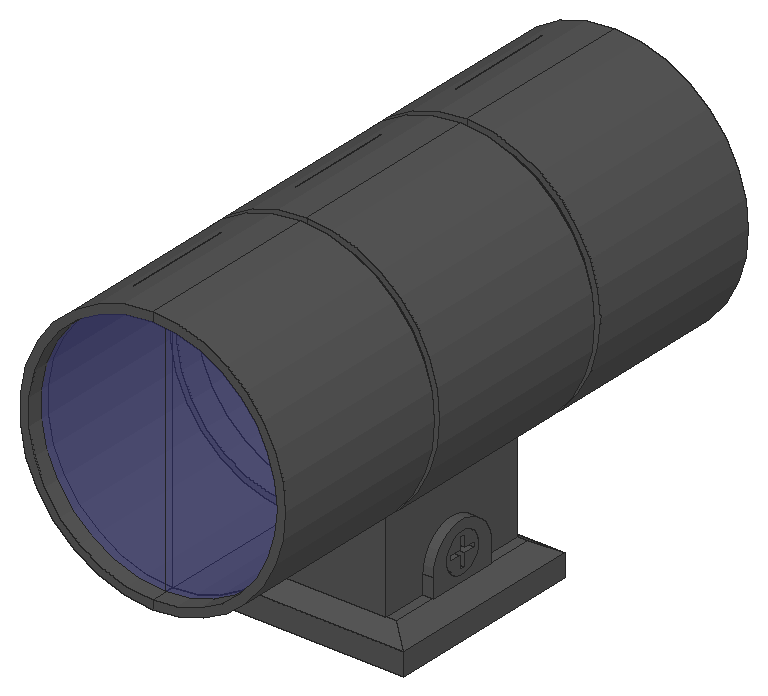
Revit family "CARLO CYLINDER LIGHT WALL MOUNT", category Lighting Fixtures, host Face, Revit 2020 (continued)
Types (10): name | Wattage_Input | Wattage Comments | Wattage | Photometric Web File | built-in parameter 1150142 | Model | built-in parameter 1150105 | Lumens | Light Length 1 | LIGHT RADIUS | LIGHT PLACEMENT | LIGHT LENGTH | LIGHT DIA | built-in parameter 1150106 | FIXED END HEIGHT | Curve base Height | Base Curve | BEAMING ANGLE | Apparent Load
    181 33.777 36.201 38.757 41.602 \r\n 45.017 47.897 54.548 70.373 90.974 113.82 138.71 164.33 191.45 220.81 \r\n 251.17 281.52 311.82 342.18 371.15 397.4 420.65 440.51 455.99 464.94 \r\n 470.58 475.44 479.5 483.77 487.74 491.12 494.26 497.4 500.59 504.01 \r\n 507.44 510.69 513.91 517.28 520.55 523.34 526.12 529.23 532.62 536.26 \r\n 540.39 545.2 550.78 557.21 564.72 573.48 583.74 595.5 609.74 627.36 \r\n 648.53 673.55 703 737.21 777.25 822.68 878.22 950.28 1033.4 1123.9 \r\n 1223.3 1330.4 1450.3 1588.7 1742.2 1909.4 2089.2 2282.7 2482.4 2680 \r\n 2878.8 3080.2 3282 3483.7 3682 3873.5 4057.9 4234.8 4401.6 4553.9 \r\n 4696.5 4835.5 4963.1 5073.2 5168.3 5248.4 5315.5 5370.9 5416 5452.4 \r\n 5509.6 \r\n5444.5 5347 5282 5208.3 5122.2 5019.4 4902.5 4772.8 4630 4474.8 \r\n 4306.1 4122.2 3926 3717.7 3503.2 3288.4 3073.7 2861.6 2652.2 2445.3 \r\n 2244.1 2051.4 1868.4 1695.9 1538.3 1400.1 1281.3 1187.8 1106.9 1026.3 \r\n 949.82 874.87 808.87 761.12 723.4 690.34 662.64 639.52 620.05 603 \r\n 588.54 576.62 566.63 557.94 550.51 544.19 538.77 534.02 529.76 525.6 \r\n 521.83 518.77 515.89 512.66 509.4 506.26 503.18 500.12 497.2 494.62 \r\n 492.19 489.82 487.5 485.25 483.01 480.89 478.43 475.05 471.16 467.4 \r\n 462.46 455.99 445.67 428.18 406.09 380.61 352.59 323.18 292.79 262.23 \r\n 231.44 200.29 169.88 140.79 114.56 93.602 75.909 59.306 46.697 41.915 \r\n 40.003 36.832 33.747 30.609 27.75 25.512 23.731 22.466 21.386 20.093 \r\n 18.837 17.783 16.787 15.739 14.698 13.688 12.713 11.787 10.902 10.058 \r\n 9.2446 8.4458 7.6844 6.9749 6.3268 5.7583 5.2583 4.8257 4.4497 4.124 \r\n 3.8343 3.5598 3.3132 3.1027 2.9206 2.765 2.6265 2.4935 2.3712 2.2624 \r\n 2.1631 2.0704 1.9844 1.9047 1.8303 1.7602 1.6942 1.633 1.5736 1.5126 \r\n 1.4521 1.3935 1.3362 1.2798 1.2247 1.1709 1.1188 1.0698 1.0205 0.96595 \r\n 0.9115 0.86132 0.81385 0.76948 0.72653 0.68315 0.64019 0.59715 0.55616 0.51965 \r\n 0.48623 0.45611 0.4269 0.39609 0.36435 0.33302 0.30119 0.26746 0.23467 0.20643 \r\n 0.17908 0.15041 0.11974 0.083213 0.048094 0.019569 0 0 0 0 \r\n 0 0 0 0 0 0.0016281 0.014796 0.058666 0.10711 0.13574 \r\n 0.15854 0.18224 0.20427 0.22255 0.24226 0.26963 0.29938 0.32829 0.35782 0.38838 \r\n 0.41978 0.45169 0.48486 0.52021 0.55694 0.59327 0.63305 0.68193 0.73283 0.77916 \r\n 0.82512 0.87269 0.92188 0.9744 1.0271 1.0761 1.1257 1.1799 1.2362 1.2929 \r\n 1.3524 1.4178 1.4855 1.5523 1.6203 1.689 1.7622 1.8443 1.9329 2.0252 \r\n 2.1265 2.2428 2.3687 2.4973 2.6389 2.8016 2.9856 3.1924 3.4266 3.6918 \r\n 3.9921 4.3288 4.7133 5.1606 5.6613 6.2082 6.8101 7.4831 8.1982 8.9195 \r\n 9.684 10.531 11.417 12.294 13.205 14.173 15.199 16.301 17.458 18.631 \r\n 19.904 21.295 22.957 25.132 27.576 30.163 32.78 35.151 37.637 40.477 \r\n 43.763 46.029 52.184 68.567 89.423 110.89 133.63 156.42 181.15 210.17 \r\n 240.94 271.73 302.48 332.87 361.92 388.62 412.63 433.66 450.61 461.38 \r\n 468.59 473.92 478.05 482.43 486.45 489.84 492.99 496.19 499.42 502.85 \r\n 506.26 509.43 512.58 515.98 519.35 522.4 525.43 528.61 532.04 535.82 \r\n 540.04 544.82 550.23 556.28 563.28 571.46 581.08 592.18 605.58 622.06 \r\n 641.82 665.12 692.53 724.31 761.63 803.69 856.71 929.86 1013.5 1100.3 \r\n 1192.9 1288.6 1396.9 1528.1 1676.4 1840.1 2017.1 2206.8 2403.1 2598.3 \r\n 2796 2998.6 3202.8 3406.9 3607.9 3802.4 3990.6 4173 4345.5 4502.4 \r\n 4649.4 4792.5 4925 5041.7 5143.3 5227.6 5298.5 5358.5 5408.2 5449.4 \r\n 5509.6 \r\n5444.5 5346.9 5281.9 5208.7 5123.2 5020.9 4904.5 4775.4 4633.5 4479.5 \r\n 4311.8 4127.5 3931.1 3724.6 3512.5 3299.4 3086.5 2876.5 2668.5 2461 \r\n 2258.6 2064.9 1880.8 1707.1 1548.1 1409.5 1289 1188.9 1101.3 1018.3 \r\n 942.35 871.91 810.51 762.82 723.96 690.64 662.78 639.52 619.91 602.6 \r\n 587.87 575.75 565.6 556.82 549.34 542.98 537.47 532.46 527.91 523.57 \r\n 519.68 516.57 513.69 510.52 507.31 504.15 501.03 497.91 494.98 492.48 \r\n 490.14 487.7 485.35 483.25 481.15 478.97 476.4 473.06 469.18 465.37 \r\n 460.12 452.7 441.28 422.92 400.19 374.41 346.29 316.76 286.37 256.07 \r\n 225.66 194.86 164.88 136.51 110.79 89.126 71.147 56.786 46.562 42.146 \r\n 40.013 36.814 33.683 30.538 27.676 25.411 23.6 22.315 21.223 19.936 \r\n 18.689 17.637 16.641 15.596 14.559 13.554 12.582 11.652 10.766 9.9327 \r\n 9.1344 8.3483 7.5965 6.8876 6.2399 5.6816 5.1918 4.7594 4.3828 4.0634 \r\n 3.7812 3.5123 3.2696 3.0602 2.8779 2.7216 2.5821 2.4485 2.3256 2.2161 \r\n 2.1163 2.0235 1.9375 1.8574 1.783 1.7137 1.6489 1.5893 1.531 1.4686 \r\n 1.4066 1.3478 1.2906 1.234 1.1789 1.1254 1.0739 1.0264 0.97847 0.924 \r\n 0.86975 0.82154 0.77599 0.73202 0.68862 0.64338 0.59944 0.55947 0.52242 0.48803 \r\n 0.45658 0.4297 0.40309 0.37183 0.33951 0.30941 0.27906 0.24577 0.21352 0.18697 \r\n 0.16141 0.13399 0.10375 0.06463 0.029078 0.0098721 0 0 0 0 \r\n 0 0 0 0 0 0 0.0078068 0.055564 0.10947 0.1415 \r\n 0.16643 0.19003 0.21127 0.22972 0.24945 0.27588 0.30465 0.33355 0.36402 0.39725 \r\n 0.43183 0.46631 0.50195 0.54009 0.579 0.61586 0.65518 0.70239 0.75186 0.79869 \r\n 0.84614 0.89652 0.94779 0.99855 1.0492 1.099 1.1499 1.2037 1.2593 1.315 \r\n 1.3737 1.4391 1.5067 1.5722 1.6385 1.7062 1.7779 1.8567 1.9422 2.0344 \r\n 2.1352 2.2475 2.3682 2.4926 2.6287 2.7821 2.9555 3.1507 3.3755 3.6405 \r\n 3.9384 4.2591 4.6222 5.0432 5.5236 6.0756 6.6818 7.3292 8.0162 8.7283 \r\n 9.4904 10.34 11.224 12.082 12.977 13.969 15.01 16.063 17.167 18.345 \r\n 19.607 20.918 22.448 24.398 26.644 29.212 31.852 34.191 36.631 39.444 \r\n 42.646 44.616 50.536 67.28 88.149 108.28 129.03 149.13 171.61 200.37 \r\n 231.59 262.82 293.98 324.4 353.48 380.58 405.26 427.28 445.48 458.05 \r\n 466.83 472.6 476.77 481.2 485.21 488.59 491.72 494.91 498.13 501.55 \r\n 504.92 507.97 511.04 514.47 517.95 521.26 524.56 527.86 531.38 535.32 \r\n 539.67 544.45 549.72 555.43 561.97 569.64 578.68 589.19 601.85 617.28 \r\n 635.72 657.41 682.91 712.35 747.18 786.48 837.43 911.26 994.94 1078 \r\n 1164.1 1249 1346.3 1470.5 1613.7 1773.9 1948 2133.6 2326.2 2519.1 \r\n 2716 2919.9 3126.4 3332.6 3536.2 3733.4 3925.1 4112.9 4291.2 4452.7 \r\n 4604 4751.1 4888 5011 5118.9 5207.4 5281.9 5346.4 5400.7 5446.5 \r\n 5509.6 \r\n5444.5 5350.8 5286.3 5214.1 5129.7 5028.1 4912.5 4784.5 4643.7 4491.1 \r\n 4324.7 4140.4 3944.3 3739.8 3530.1 3318.9 3107.7 2899.9 2693.4 2485.5 \r\n 2281.7 2086.5 1900.7 1725.2 1564.5 1424.9 1302.1 1194.8 1100.1 1014.4 \r\n 938.42 872.07 814.92 766.96 726.69 692.87 664.64 641.07 621.16 603.5 \r\n 588.42 576 565.61 556.67 549.07 542.62 536.97 531.68 526.83 522.31 \r\n 518.29 515.09 512.17 509.02 505.84 502.67 499.52 496.35 493.38 490.95 \r\n 488.67 486.15 483.74 481.78 479.82 477.58 474.94 471.66 467.82 463.99 \r\n 458.46 450.11 437.65 418.65 395.5 369.58 341.45 311.85 281.5 251.42 \r\n 221.33 190.82 161.2 133.47 108.15 85.648 67.233 54.9 46.84 42.597 \r\n 40.103 36.855 33.697 30.55 27.683 25.38 23.525 22.21 21.1 19.819 \r\n 18.585 17.531 16.531 15.489 14.456 13.455 12.485 11.551 10.663 9.8397 \r\n 9.0544 8.2786 7.5342 6.8257 6.1781 5.6275 5.1449 4.7109 4.3321 4.0169 \r\n 3.7404 3.4762 3.237 3.0284 2.8454 2.6878 2.5468 2.4122 2.2884 2.1779 \r\n 2.0773 1.984 1.8977 1.8171 1.7423 1.6736 1.6097 1.5511 1.4932 1.4296 \r\n 1.3662 1.3072 1.2501 1.1933 1.1381 1.0848 1.0338 0.98747 0.94064 0.88637 \r\n 0.8325 0.78627 0.74257 0.69875 0.65475 0.60802 0.56344 0.52626 0.49277 0.46052 \r\n 0.43094 0.40641 0.38159 0.35008 0.31751 0.28872 0.25989 0.22712 0.1954 0.17025 \r\n 0.1461 0.11964 0.089605 0.04782 0.01164 0.00094735 0 0 0 0 \r\n 0 0 0 0 0 0 0.00282 0.053668 0.1119 0.14688 \r\n 0.17376 0.19728 0.21798 0.23707 0.25727 0.28273 0.31036 0.3391 0.37039 0.40624 \r\n 0.44391 0.48063 0.5184 0.55924 0.60029 0.63769 0.67654 0.72211 0.77013 0.81725 \r\n 0.86593 0.91888 0.97208 1.0212 1.0699 1.1208 1.1729 1.2265 1.2813 1.3362 \r\n 1.3942 1.4595 1.5268 1.5911 1.6561 1.7228 1.7933 1.8693 1.9522 2.0444 \r\n 2.1449 2.2534 2.3693 2.4902 2.6216 2.7668 2.9307 3.1159 3.3326 3.5977 \r\n 3.8937 4.2 4.5435 4.9406 5.4023 5.9594 6.5698 7.1936 7.855 8.5616 \r\n 9.324 10.174 11.055 11.895 12.777 13.791 14.848 15.857 16.912 18.094 \r\n 19.351 20.605 22.027 23.762 25.814 28.357 31.019 33.343 35.757 38.526 \r\n 41.671 43.584 49.422 66.186 86.736 105.68 124.77 142.66 163.33 191.93 \r\n 223.61 255.22 286.75 317.19 346.32 373.78 399.05 421.84 441.09 455.27 \r\n 465.49 471.65 475.8 480.23 484.18 487.5 490.57 493.69 496.84 500.2 \r\n 503.51 506.44 509.41 512.85 516.44 519.98 523.53 526.97 530.61 534.71 \r\n 539.18 543.98 549.15 554.58 560.73 567.96 576.5 586.53 598.54 613.04 \r\n 630.28 650.52 674.29 701.6 734.2 771.3 820.48 894.17 977.02 1056.4 \r\n 1136.6 1212.3 1300.1 1418 1556.3 1713.1 1884.1 2065.7 2254.7 2445.8 \r\n 2642.3 2847.3 3055.7 3263.7 3469.4 3669.1 3864.1 4056.9 4240.6 4406.8 \r\n 4562.4 4713.2 4854 4982.8 5096.5 5189 5267.1 5335.6 5394.3 5444.3 \r\n 5509.6 \r\n5444.5 5365.3 5301.6 5230.5 5147.3 5046.4 4931.5 4804.4 4664.6 4513.2 \r\n 4347.7 4164.2 3968.9 3765.8 3557.6 3347.8 3138 2931.6 2726.2 2518.5 \r\n 2314 2116.3 1927.7 1750.3 1587.8 1446.3 1320.8 1208.2 1108.3 1019.6 \r\n 942.49 877.57 822.18 773.85 732.63 698.12 669.24 645.15 624.8 606.77 \r\n 591.36 578.6 567.89 558.71 550.9 544.25 538.39 532.85 527.77 523.1 \r\n 518.96 515.63 512.59 509.34 506.11 502.97 499.85 496.6 493.56 491.2 \r\n 488.98 486.4 483.93 482.12 480.33 478.12 475.51 472.36 468.64 464.88 \r\n 459.19 450.11 436.84 417.36 393.89 367.76 339.47 309.65 279.11 249.01 \r\n 218.94 188.43 158.82 131.2 105.89 82.864 64.272 53.345 46.773 42.685 \r\n 39.999 36.799 33.709 30.632 27.808 25.464 23.543 22.177 21.034 19.759 \r\n 18.54 17.477 16.469 15.429 14.402 13.402 12.434 11.498 10.61 9.7961 \r\n 9.0203 8.2475 7.5046 6.7989 6.1541 5.6067 5.1261 4.6905 4.3101 3.9968 \r\n 3.7233 3.4619 3.2249 3.0168 2.8334 2.6751 2.5332 2.3982 2.274 2.1626 \r\n 2.061 1.967 1.8802 1.7989 1.7236 1.6549 1.5909 1.5316 1.4729 1.4088 \r\n 1.3449 1.2858 1.2287 1.1718 1.1165 1.0631 1.0121 0.96583 0.91925 0.86525 \r\n 0.81196 0.76729 0.7249 0.68061 0.63587 0.5892 0.54506 0.50871 0.47631 0.44556 \r\n 0.41707 0.39199 0.3664 0.33499 0.30309 0.27592 0.24858 0.21626 0.18478 0.16043 \r\n 0.13703 0.11093 0.080825 0.03749 0.0010498 0 0 0 0 0 \r\n 0 0 0 0 0 0 0 0.050992 0.11003 0.14632 \r\n 0.1744 0.19796 0.21873 0.23936 0.26079 0.28536 0.31159 0.33981 0.3714 0.40935 \r\n 0.44924 0.48643 0.52451 0.56696 0.6095 0.64704 0.68551 0.73048 0.77787 0.82452 \r\n 0.87316 0.92721 0.98139 1.0297 1.0777 1.1294 1.1826 1.2363 1.2908 1.3456 \r\n 1.4033 1.468 1.5347 1.5989 1.6637 1.7303 1.8003 1.8749 1.9565 2.0486 \r\n 2.1487 2.2549 2.3682 2.4873 2.6164 2.7568 2.915 3.0946 3.3062 3.5687 \r\n 3.8605 4.1563 4.4869 4.8698 5.3198 5.8747 6.4829 7.0931 7.7425 8.4522 \r\n 9.2184 10.06 10.931 11.764 12.643 13.666 14.725 15.71 16.736 17.911 \r\n 19.154 20.366 21.714 23.3 25.213 27.722 30.383 32.704 35.098 37.798 \r\n 40.848 42.78 48.365 64.024 83.34 101.53 120.12 137.7 158.27 187.07 \r\n 219.04 250.87 282.61 313.25 342.64 370.52 396.3 419.64 439.55 454.71 \r\n 465.76 472.07 476.1 480.38 484.13 487.29 490.18 493.06 496 499.26 \r\n 502.5 505.27 508.11 511.57 515.22 518.81 522.42 525.98 529.74 533.92 \r\n 538.42 543.21 548.31 553.61 559.57 566.55 574.78 584.47 596.02 609.81 \r\n 626.14 645.26 667.7 693.47 724.4 759.93 807.16 877.9 957.34 1033.2 \r\n 1109.8 1181.7 1265.6 1379.2 1513.5 1666.8 1834.7 2013.1 2199.9 2391.4 \r\n 2589.1 2794.7 3003.6 3212.2 3418.8 3620.5 3818.4 4015.3 4203.6 4374.4 \r\n 4534.2 4688 4831.8 4964.4 5082 5178.6 5260.5 5332.2 5393.8 5446.9 \r\n 5509.6 \r\n5444.5 5389.5 5326.9 5257 5174.8 5074.5 4960.1 4833.9 4695.1 4544.2 \r\n 4379.5 4197.5 4003.7 3801.2 3593.6 3384.6 3175.6 2970 2765.2 2558.3 \r\n 2353.6 2153 1960.8 1781.4 1617 1472.8 1344.2 1228.5 1125.5 1034.1 \r\n 954.75 888.46 832.18 783.25 741.5 706.13 676.37 651.56 630.63 612.24 \r\n 596.54 583.41 572.33 562.83 554.72 547.77 541.65 535.91 530.67 525.89 \r\n 521.65 518.15 514.93 511.48 508.1 505.03 502 498.66 495.52 493.2 \r\n 491.05 488.41 485.91 484.24 482.64 480.56 478.07 475.11 471.56 467.96 \r\n 462.24 452.66 438.8 419 395.26 368.83 340.19 309.97 279.05 248.66 \r\n 218.32 187.51 157.58 129.56 103.93 80.786 62.334 52.107 46.258 42.34 \r\n 39.684 36.638 33.706 30.776 28.045 25.659 23.652 22.218 21.024 19.754 \r\n 18.55 17.475 16.451 15.413 14.392 13.393 12.424 11.491 10.607 9.7994 \r\n 9.029 8.2521 7.5051 6.805 6.1664 5.6175 5.1336 4.6968 4.3158 4.0026 \r\n 3.7295 3.4687 3.2323 3.0244 2.8412 2.6828 2.541 2.4063 2.2823 2.1701 \r\n 2.0674 1.9726 1.885 1.8032 1.7275 1.6581 1.5931 1.5314 1.4707 1.4067 \r\n 1.3435 1.2844 1.2272 1.1703 1.1148 1.0611 1.0095 0.96243 0.9152 0.8615 \r\n 0.80891 0.76526 0.72354 0.67824 0.63265 0.58759 0.54496 0.50741 0.47352 0.44347 \r\n 0.41521 0.38685 0.3581 0.32696 0.29656 0.27119 0.24528 0.21334 0.18188 0.15776 \r\n 0.13447 0.10799 0.077723 0.035315 0 0 0 0 0 0 \r\n 0 0 0 0 0 0 0 0.047786 0.10362 0.13947 \r\n 0.16801 0.19171 0.21315 0.23612 0.25949 0.28331 0.30798 0.33537 0.36676 0.40611 \r\n 0.44716 0.48299 0.51952 0.56236 0.6056 0.64293 0.68115 0.72662 0.77425 0.81971 \r\n 0.86701 0.92066 0.97482 1.0234 1.0718 1.1241 1.1779 1.232 1.287 1.3422 \r\n 1.4001 1.4636 1.5295 1.5945 1.6606 1.7277 1.7979 1.8727 1.9541 2.0459 \r\n 2.1454 2.2511 2.3639 2.4832 2.6122 2.7513 2.9079 3.0863 3.2955 3.5525 \r\n 3.8378 4.1272 4.4518 4.8308 5.276 5.8208 6.4201 7.0277 7.6791 8.3998 \r\n 9.173 9.9979 10.851 11.689 12.575 13.59 14.64 15.621 16.641 17.796 \r\n 19.012 20.196 21.502 23.009 24.843 27.307 29.943 32.272 34.653 37.267 \r\n 40.179 42.152 47.273 60.747 77.976 95.876 115.11 134.28 156.49 185.8 \r\n 217.89 249.75 281.54 312.54 342.4 370.74 396.95 420.63 440.83 456.29 \r\n 467.52 473.75 477.57 481.58 485.01 487.92 490.53 493.02 495.61 498.73 \r\n 501.88 504.46 507.16 510.63 514.3 517.73 521.21 524.87 528.74 532.9 \r\n 537.34 542.07 547.14 552.44 558.41 565.32 573.42 582.91 594.14 607.46 \r\n 623.17 641.51 663.04 687.86 717.65 752.17 797.2 862.25 935.81 1008.4 \r\n 1083.5 1157.2 1242.7 1354.4 1485.5 1635.2 1799.9 1976 2162.1 2356.1 \r\n 2556.5 2762.1 2970.2 3178 3384.6 3587.8 3788.2 3988.2 4180.1 4355.2 \r\n 4519.2 4675.5 4821.2 4955.4 5075.2 5175.8 5261.8 5335.6 5398.8 5453.7 \r\n 5509.6 \r\n5444.5 5415.2 5353.9 5285.3 5204.3 5105 4991.4 4866.2 4728.4 4578.1 \r\n 4414.3 4234.2 4042.3 3840.6 3633.4 3425.2 3217 3011.9 2807.5 2601.5 \r\n 2396.8 2193.2 1997.5 1816.2 1649.8 1502.3 1370.3 1252 1146.6 1052.8 \r\n 971.13 902.65 844.51 794.42 751.75 715.3 684.55 658.91 637.31 618.5 \r\n 602.48 588.93 577.45 567.59 559.15 551.88 545.48 539.56 534.2 529.33 \r\n 524.99 521.31 517.88 514.21 510.68 507.67 504.72 501.29 498.05 495.77 \r\n 493.66 490.95 488.41 486.84 485.38 483.41 481.06 478.27 474.88 471.44 \r\n 465.73 455.75 441.43 421.44 397.55 370.87 341.94 311.36 280.05 249.31 \r\n 218.63 187.44 157.14 128.75 102.87 79.745 61.455 51.465 45.847 42.001 \r\n 39.4 36.508 33.746 30.974 28.343 25.913 23.814 22.304 21.053 19.785 \r\n 18.595 17.503 16.462 15.426 14.41 13.409 12.438 11.509 10.63 9.827 \r\n 9.0587 8.2761 7.5241 6.8304 6.1982 5.6451 5.1553 4.7167 4.3349 4.0204 \r\n 3.7462 3.4847 3.2479 3.0399 2.8568 2.6984 2.5566 2.4225 2.2987 2.1858 \r\n 2.082 1.9862 1.8977 1.8155 1.7392 1.669 1.6028 1.5385 1.4755 1.4118 \r\n 1.3494 1.2904 1.233 1.1762 1.1206 1.0665 1.0143 0.96607 0.91799 0.86458 \r\n 0.81266 0.76972 0.72835 0.68191 0.63552 0.59246 0.55159 0.51233 0.47628 0.44652 \r\n 0.41808 0.38577 0.35328 0.32247 0.2937 0.26999 0.24533 0.21391 0.18259 0.15852 \r\n 0.13507 0.1081 0.077388 0.035089 0 0 0 0 0 0 \r\n 0 0 0 0 0 0 0 0.044309 0.096555 0.13145 \r\n 0.16005 0.18391 0.20621 0.2317 0.25722 0.28047 0.30372 0.33036 0.3614 0.40157 \r\n 0.44311 0.47709 0.51164 0.55433 0.59787 0.63505 0.67321 0.71939 0.76738 0.81151 \r\n 0.85722 0.91006 0.96393 1.0129 1.062 1.1148 1.1691 1.2237 1.2792 1.3351 \r\n 1.3932 1.4557 1.5206 1.5866 1.6539 1.7216 1.7923 1.8677 1.9495 2.0408 \r\n 2.1398 2.2454 2.3584 2.4785 2.6083 2.7475 2.9039 3.0828 3.2911 3.5423 \r\n 3.8209 4.1058 4.4272 4.8058 5.2488 5.7819 6.3707 6.9798 7.638 8.3718 \r\n 9.1525 9.9597 10.795 11.641 12.536 13.541 14.578 15.563 16.583 17.715 \r\n 18.904 20.074 21.356 22.807 24.578 26.991 29.593 31.943 34.332 36.87 \r\n 39.662 41.753 46.438 57.526 72.522 90.324 110.56 131.83 156.1 185.97 \r\n 218.09 249.89 281.65 313.01 343.33 372.07 398.62 422.49 442.78 458.26 \r\n 469.42 475.5 479.09 482.8 485.92 488.56 490.88 492.96 495.18 498.15 \r\n 501.2 503.61 506.16 509.63 513.29 516.53 519.84 523.58 527.54 531.63 \r\n 535.97 540.64 545.68 551.05 557.07 563.97 571.99 581.33 592.33 605.28 \r\n 620.4
